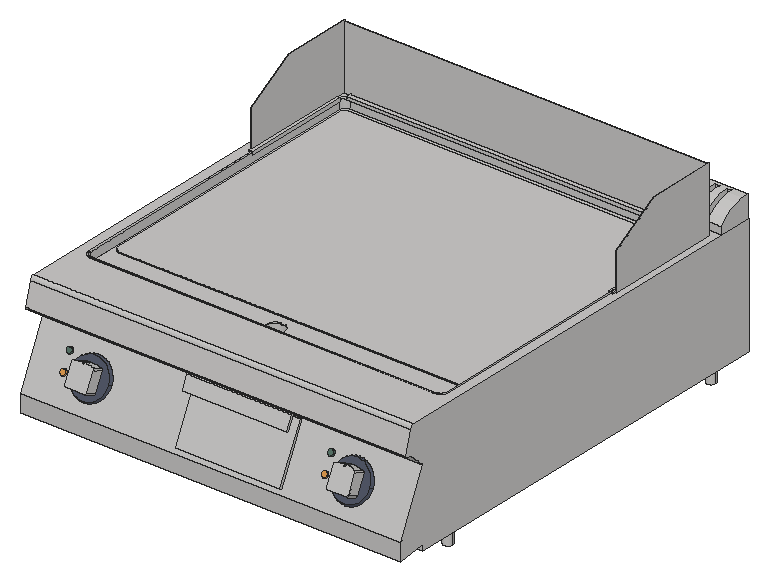
Revit family "QF_ZANUSSI_392073_Z9FTEHCS00", category Specialty Equipment, Revit 2018
Family settings
  Round Connector Dimension = Use Diameter
  Part Type = Normal
  Work Plane-Based = No
  Always vertical = Yes
  Cut with Voids When Loaded = No
  Shared = No
  Room Calculation Point = No
Parameters
  Width = 800 mm  # constant formula
  Weight in Pounds = 105  # constant formula
  Weight = 0.00 kg
  Watts = 15000 W  # constant formula
  Volts = 400 V  # constant formula
  URL Manufacturer = "http://www.zanussiprofessional.com"
  URL Cutsheet = "www.electrolux.com"
  URL = "http://www.zanussiprofessional.com"
  Type Mark [instance] = ""
  Steam Supply Size = 0"
  Steam Supply Minimum Pressure = 0.00 psi
  Steam Supply Maximum Pressure = 0.00 psi
  Steam Pounds per Hour = 0
  Status [instance] = ""
  Specification by User [instance] = ""
  Specification by Manufacturer = ""
  Show Logo [instance] = yes
  Show Clearance [instance] = yes
  Serial Number = ""
  Seismic Rating = ""
  SMACNA No = ""
  Revision Code [instance] = ""
  Refrigeration Suction Line Size = 0"
  Refrigeration Liquid Line Size = 0"
  Refrigerant Compressor Remote = yes
  Phase = 3
  Omniclass Number and Title = ""
  Number of Poles [instance] = 1
  NAFEM Spec ID Number = ""
  Model = "Z9FTEHCS00"
  Min Ckt Ampacity = 0 A
  Max Overcurrent Protection = 0 A
  Masterspec = ""
  Manufacturer = "Zanussi"
  Length Actual = 800 mm  # constant formula
  Item Number [instance] = "392073"
  Installed By [instance] = ""
  Identify Quantity as Lot [instance] = yes
  Hot Water Size = 0"
  Height Actual = 250 mm  # constant formula
  HP = "20.1 HP"
  Gas Size = 0"
  Gas KW = 0
  Gas Input = 0.0 Btu/h
  Furnished By [instance] = ""
  Foodservice Equipment Identifier [instance] = yes
  FL Amps = if(Phase = 3, Watts / (Volts * 1.73), Watts / Volts)  # 21.6763 A
  Electrical Remarks [instance] = "400 V/3N ph/50/60 Hz"  # constant formula
  Electric Connection Type [instance] = ""
  Elec Conn RI Height [instance] = 0 mm
  Elec Conn Connection Height [instance] = 0 mm
  Direct Waste Size = 0"
  Description = "EL.FRYTOP CHR.SMOOTH SLOPED PLATE 800 MM"
  Depth Actual = 900 mm  # constant formula
  Depth = 915 mm  # constant formula
  Cycle [instance] = if([60 Hertz Option], 60 Hz, 50 Hz)  # 60 Hz
  Conn Plug = ""
  Conn Conduit = yes
  Condensate Return Size = 0"
  Compressed Air Volume = 0 GPM
  Compressed Air Size = 0"
  Compressed Air Pressure = 0.00 psi
  Cold Water Size = 0"
  CSI MasterFormat = ""
  CSI Master Format = ""
  Apparent Power = if(Phase = 3, Volts * FL Amps * 1.73, Volts * FL Amps)  # 15000 VA
  Accessory = yes
  60 Hertz Option [instance] = not([50 Hertz Option])  # yes
  50 Hertz Option [instance] = no
Reference planes
  plane 1 "BACK": y = 0
  plane 2: z = 0
  plane 3 "LEFT": x = 0
  plane 4 "RIGHT": x = 800
  plane 5 "FRONT": y = -915
  plane 6 "TOP": z = 274
  plane 7 "Center Y": x = 400
  plane 8 "Center X": y = -457.5
  plane 9: y = -1045
  plane 10: z = 24
  plane 11: z = 290
  plane 12: z = 410
  plane 13: x = 11
  plane 14: x = 789
Forms (mm)
  Extrusion 1, solid, material "QF_Finishes_Stainless Steel"
    sketch origin (0, 0, 0) x (0, 1, 0) y (0, 0, 1)
      loop
        line (0, 24) -> (0, 274) -> (-879.358, 274)
        arc (-879.358, 274) -> (-884.643, 271.811) -> (-886.833, 266.526) r 7.474
        line (-886.833, 266.526) -> (-899.884, 221.011)
        arc (-899.884, 221.011) -> (-899.396, 218.379) -> (-897, 217.184) r 3
        line (-897, 217.184) -> (-886.802, 217.184) -> (-854.982, 185.364) -> (-915, 64.508) -> (-915, 29.508) -> (-858.645, 37.428)
        arc (-858.645, 37.428) -> (-856.101, 36.674) -> (-855, 34.259) r 3.2
        line (-855, 34.259) -> (-855, 24) -> (0, 24)
    from 0 to 800
  Extrusion 2, solid, material "QF_Finishes_Stainless Steel"
    sketch origin (0, -1, 0) x (1, 0, 0) y (0, 1, 0)
      loop
        circle (11, -82) r 9.525
      loop
        circle (11, -775) r 9.525
      loop
        circle (789, -82) r 9.525
      loop
        circle (789, -775) r 9.525
    from 0 to 24
  Extrusion 3, solid, material "QF_Finishes_Stainless Steel"
    sketch origin (635, 190.152, 274) x (0, -1, 0) y (1, 0, 0)
      loop
        line (273.542, 147.97) -> (273.542, -617.97) -> (275.13, -617.97) -> (275.13, 147.97) -> (273.542, 147.97)
    from 0 to 135
  Extrusion 4, void
    sketch origin (0, 0, 274) x (0, -1, 0) y (1, 0, 0)
      loop
        arc (92.539, 37.03) -> (96.932, 26.423) -> (107.539, 22.03) r 15
        line (107.539, 22.03) -> (762.539, 22.03)
        arc (762.539, 22.03) -> (773.145, 26.423) -> (777.539, 37.03) r 15
        line (777.539, 37.03) -> (777.539, 762.97)
        arc (777.539, 762.97) -> (773.145, 773.577) -> (762.539, 777.97) r 15
        line (762.539, 777.97) -> (107.539, 777.97)
        arc (107.539, 777.97) -> (96.932, 773.577) -> (92.539, 762.97) r 15
        line (92.539, 762.97) -> (92.539, 37.03)
    from 0 to -21.588
  Sweep 5, solid, material "QF_Finishes_Stainless Steel"
    path origin (0, 0, 0) x (1, 0, 0) y (0, 1, 0)
      loop
        line (22.03, -107.539) -> (22.03, -762.539)
        arc (22.03, -762.539) -> (26.423, -773.145) -> (37.03, -777.539) r 15
        line (37.03, -777.539) -> (762.97, -777.539)
        arc (762.97, -777.539) -> (773.577, -773.145) -> (777.97, -762.539) r 15
        line (777.97, -762.539) -> (777.97, -107.539)
        arc (777.97, -107.539) -> (773.577, -96.932) -> (762.97, -92.539) r 15
        line (762.97, -92.539) -> (37.03, -92.539)
        arc (37.03, -92.539) -> (26.423, -96.932) -> (22.03, -107.539) r 15
    profile origin (22.03, -435.039, 0) x (1, 0, 0) y (0, 0, 1)
      loop
        line (0, 255) -> (1.588, 255) -> (1.588, 272.855)
        arc (1.588, 272.855) -> (1.147, 274.189) -> (0, 275) r 2.242
        line (0, 275) -> (0, 255)
  Extrusion 6, solid, material "QF_Finishes_Stainless Steel"
    sketch origin (0, 0, 0) x (1, 0, 0) y (0, 0, 1)
      loop
        line (17.03, 274.856) -> (23.926, 274.856) -> (23.926, 269.856) -> (25.514, 269.856) -> (25.514, 276.444) -> (17.03, 276.444) -> (17.03, 274.856)
      loop
        line (782.97, 274.856) -> (782.97, 276.444) -> (774.486, 276.444) -> (774.486, 269.856) -> (776.074, 269.856) -> (776.074, 274.856) -> (782.97, 274.856)
    from 105.541 to 335.39
  Extrusion 7, solid, material "QF_Finishes_Stainless Steel"
    sketch origin (0, 0, 0) x (0, 1, 0) y (0, 0, 1)
      loop
        line (-94.126, 269.856) -> (-94.126, 274.856) -> (-84.978, 274.856) -> (-84.978, 276.444) -> (-95.714, 276.444) -> (-95.714, 269.856) -> (-94.126, 269.856)
    from 32.03 to 767.97
  Extrusion 8, solid, material "QF_Finishes_Stainless Steel"
    sketch origin (0, 0, 24) x (-1, 0, 0) y (0, 1, 0)
      loop
        circle (-740, -584) r 6.35
    from 0 to 5
  Extrusion 9, solid, material "QF_Clearances", visible <- "Show Clearance", detail levels coarse
    sketch origin (0, 0, 0) x (1, 0, 0) y (0, 1, 0)
      loop
        line (0, 0) -> (800, 0) -> (800, -915) -> (900, -915) -> (900, 100) -> (-100, 100) -> (-100, -915) -> (0, -915) -> (0, 0)
    from 0 to 410
  Extrusion 10, solid, material "QF_Finishes_Stainless Steel"
    sketch origin (0, 0, 0) x (0, 1, 0) y (0, 0, 1)
      loop
        line (-777.539, 254) -> (-777.539, 252.413) -> (-92.539, 252.413) -> (-92.539, 254) -> (-777.539, 254)
    from 22.03 to 777.97
  Extrusion 11, void
    sketch origin (328.121, 0, 0) x (1, 0, 0) y (0, 1, 0)
      loop
        circle (71.879, -743.736) r 20
    from 235.859 to 256.719
  Extrusion 12, solid, material "QF_Finishes_Stainless Steel"
    sketch origin (0, 0, 0) x (0, 1, 0) y (0, 0, 1)
      loop
        line (-83.39, 410) -> (-227.89, 410) -> (-327.89, 352.265) -> (-327.89, 274) -> (-83.39, 274) -> (-83.39, 410)
    from 15.442 to 17.03
  Extrusion 13, solid, material "QF_Finishes_Stainless Steel"
    sketch origin (23.617, -107.539, 255) x (-1, 0, 0) y (0, 1, 0)
      loop
        arc (-18.413, -600) -> (-11.341, -597.071) -> (-8.413, -590) r 10
        line (-8.413, -590) -> (-8.413, -7.867)
        arc (-8.413, -7.867) -> (-11.341, -0.796) -> (-18.412, 2.133) r 10
        line (-18.412, 2.133) -> (-734.353, 2.133)
        arc (-734.353, 2.133) -> (-741.425, -0.796) -> (-744.353, -7.867) r 10
        line (-744.353, -7.867) -> (-744.353, -590)
        arc (-744.353, -590) -> (-741.425, -597.071) -> (-734.353, -600) r 10
        line (-734.353, -600) -> (-18.413, -600)
    from 0 to -2
  Extrusion 14, solid, material "QF_Finishes_Stainless Steel"
    sketch origin (800, 0, 0) x (0, 1, 0) y (0, 0, -1)
      loop
        line (-83.39, -410) -> (-83.39, -274) -> (-327.89, -274) -> (-327.89, -352.265) -> (-227.89, -410) -> (-83.39, -410)
    from 15.442 to 17.03
  Extrusion 15, solid, material "QF_Finishes_Stainless Steel"
    sketch origin (0, 0, -10.038) x (0, 1, 0) y (0, 0, 1)
      loop
        line (0, 284.038) -> (0, 331.354)
        arc (0, 331.354) -> (-38.768, 324.268) -> (-69.85, 300.038) r 82.671
        line (-69.85, 300.038) -> (-69.85, 284.038) -> (0, 284.038)
    from 0 to 400
  Extrusion 16, void
    sketch origin (0, 0, 264.6) x (0, -1, 0) y (1, 0, 0)
      loop
        line (6.761, 29.703) -> (63.911, 29.703) -> (63.911, 38.999) -> (6.761, 38.999) -> (6.761, 29.703)
      loop
        line (63.911, 64.487) -> (6.761, 64.487) -> (6.761, 55.191) -> (63.911, 55.191) -> (63.911, 64.487)
      loop
        line (63.911, 89.975) -> (6.761, 89.975) -> (6.761, 80.68) -> (63.911, 80.68) -> (63.911, 89.975)
      loop
        line (63.911, 115.464) -> (6.761, 115.464) -> (6.761, 106.168) -> (63.911, 106.168) -> (63.911, 115.464)
      loop
        line (63.911, 140.952) -> (6.761, 140.952) -> (6.761, 131.656) -> (63.911, 131.656) -> (63.911, 140.952)
      loop
        line (63.911, 166.44) -> (6.761, 166.44) -> (6.761, 157.145) -> (63.911, 157.145) -> (63.911, 166.44)
      loop
        line (63.911, 191.929) -> (6.761, 191.929) -> (6.761, 182.633) -> (63.911, 182.633) -> (63.911, 191.929)
      loop
        line (63.911, 217.417) -> (6.761, 217.417) -> (6.761, 208.121) -> (63.911, 208.121) -> (63.911, 217.417)
      loop
        line (63.911, 242.905) -> (6.761, 242.905) -> (6.761, 233.61) -> (63.911, 233.61) -> (63.911, 242.905)
      loop
        line (63.911, 268.394) -> (6.761, 268.394) -> (6.761, 259.098) -> (63.911, 259.098) -> (63.911, 268.394)
      loop
        line (63.911, 293.882) -> (6.761, 293.882) -> (6.761, 284.586) -> (63.911, 284.586) -> (63.911, 293.882)
      loop
        line (63.911, 319.37) -> (6.761, 319.37) -> (6.761, 310.075) -> (63.911, 310.075) -> (63.911, 319.37)
      loop
        line (63.911, 344.859) -> (6.761, 344.859) -> (6.761, 335.563) -> (63.911, 335.563) -> (63.911, 344.859)
      loop
        line (63.911, 370.347) -> (6.761, 370.347) -> (6.761, 361.051) -> (63.911, 361.051) -> (63.911, 370.347)
    from 25.4 to 63.5
  Extrusion 17, solid, material "QF_Finishes_Stainless Steel"
    sketch origin (800, 0, -10.038) x (0, 1, 0) y (0, 0, -1)
      loop
        line (0, -284.038) -> (-69.85, -284.038) -> (-69.85, -300.038)
        arc (-69.85, -300.038) -> (-38.626, -323.809) -> (0, -330.737) r 83.705
        line (0, -330.737) -> (0, -284.038)
    from 0 to 400
  Extrusion 18, void
    sketch origin (800, 0, 264.6) x (0, -1, 0) y (1, 0, 0)
      loop
        line (6.761, -29.703) -> (6.761, -38.999) -> (63.911, -38.999) -> (63.911, -29.703) -> (6.761, -29.703)
      loop
        line (63.911, -64.487) -> (63.911, -55.191) -> (6.761, -55.191) -> (6.761, -64.487) -> (63.911, -64.487)
      loop
        line (63.911, -89.975) -> (63.911, -80.68) -> (6.761, -80.68) -> (6.761, -89.975) -> (63.911, -89.975)
      loop
        line (63.911, -115.464) -> (63.911, -106.168) -> (6.761, -106.168) -> (6.761, -115.464) -> (63.911, -115.464)
      loop
        line (63.911, -140.952) -> (63.911, -131.656) -> (6.761, -131.656) -> (6.761, -140.952) -> (63.911, -140.952)
      loop
        line (63.911, -166.44) -> (63.911, -157.145) -> (6.761, -157.145) -> (6.761, -166.44) -> (63.911, -166.44)
      loop
        line (63.911, -191.929) -> (63.911, -182.633) -> (6.761, -182.633) -> (6.761, -191.929) -> (63.911, -191.929)
      loop
        line (63.911, -217.417) -> (63.911, -208.121) -> (6.761, -208.121) -> (6.761, -217.417) -> (63.911, -217.417)
      loop
        line (63.911, -242.905) -> (63.911, -233.61) -> (6.761, -233.61) -> (6.761, -242.905) -> (63.911, -242.905)
      loop
        line (63.911, -268.394) -> (63.911, -259.098) -> (6.761, -259.098) -> (6.761, -268.394) -> (63.911, -268.394)
      loop
        line (63.911, -293.882) -> (63.911, -284.586) -> (6.761, -284.586) -> (6.761, -293.882) -> (63.911, -293.882)
      loop
        line (63.911, -319.37) -> (63.911, -310.075) -> (6.761, -310.075) -> (6.761, -319.37) -> (63.911, -319.37)
      loop
        line (63.911, -344.859) -> (63.911, -335.563) -> (6.761, -335.563) -> (6.761, -344.859) -> (63.911, -344.859)
      loop
        line (63.911, -370.347) -> (63.911, -361.051) -> (6.761, -361.051) -> (6.761, -370.347) -> (63.911, -370.347)
    from 25.4 to 63.5
  Extrusion 19, solid, material "QF_Finishes_Stainless Steel"
    sketch origin (335, -214.132, -0.464) x (0, 1, 0) y (0, 0, 1)
      loop
        line (-640.85, 185.828) -> (-659.988, 204.966)
        arc (-659.988, 204.966) -> (-664.455, 206.368) -> (-668.159, 203.504) r 5.058
        line (-668.159, 203.504) -> (-680.821, 175.994) -> (-677.937, 174.666) -> (-665.275, 202.176)
        arc (-665.275, 202.176) -> (-663.896, 203.243) -> (-662.233, 202.721) r 1.883
        line (-662.233, 202.721) -> (-644.727, 185.215) -> (-698.248, 77.444) -> (-695.339, 76.105) -> (-640.85, 185.828)
    from -10 to 210
  Extrusion 20, solid, material "QF_Finishes_Drawer Clearance", visible <- "Show Clearance", detail levels coarse
    sketch origin (335, -315.732, -0.464) x (0, 1, 0) y (0, 0, 1)
      loop
        line (-726.181, 76.105) -> (-593.739, 76.105) -> (-539.25, 185.828) -> (-558.388, 204.966)
        arc (-558.388, 204.966) -> (-560.449, 206.215) -> (-562.855, 206.368) r 5.058
        line (-562.855, 206.368) -> (-695.296, 206.368)
        arc (-695.296, 206.368) -> (-697.5, 205.39) -> (-699, 203.504) r 5.058
        line (-699, 203.504) -> (-711.662, 175.994) -> (-708.778, 174.666) -> (-696.116, 202.176)
        arc (-696.116, 202.176) -> (-694.737, 203.243) -> (-693.074, 202.721) r 1.883
        line (-693.074, 202.721) -> (-675.569, 185.215) -> (-729.089, 77.444) -> (-726.181, 76.105)
    from -10 to 210
  Blend 21, solid, material "QF_Finishes_Navy Blue"
    base sketch origin (125, -884.991, 124.936) x (1, 0, 0) y (0, 0.444781, 0.895639)
      loop
        circle (0, 0) r 42.5
    top sketch origin (125, -884.991, 124.936) x (1, 0, 0) y (0, 0.444781, 0.895639)
      loop
        circle (0, 0) r 40.5
    from 0 to 5
  Extrusion 22, solid, material "QF_Finishes_Stainless Steel"
    sketch origin (125, -884.991, 124.936) x (1, 0, 0) y (0, 0.444781, 0.895639)
      loop
        arc (-21.147, 22.789) -> (-22.494, 21.685) -> (-23, 20.019) r 2.997
        line (-23, 20.019) -> (-23, -20.019)
        arc (-23, -20.019) -> (-22.122, -22.138) -> (-20.003, -23.016) r 2.997
        line (-20.003, -23.016) -> (20.003, -23.016)
        arc (20.003, -23.016) -> (22.122, -22.138) -> (23, -20.019) r 2.997
        line (23, -20.019) -> (23, 20.019)
        arc (23, 20.019) -> (22.494, 21.685) -> (21.147, 22.789) r 2.997
        arc (21.147, 22.789) -> (0, 26.984) -> (-21.147, 22.789) r 55.4
    from 10 to 34
  Extrusion 23, solid, material "QF_Finishes_Stainless Steel"
    sketch origin (125, -884.991, 124.936) x (1, 0, 0) y (0, 0.444781, 0.895639)
      loop
        line (17.5, 17.5) -> (-17.5, 17.5) -> (-17.5, -17.5) -> (17.5, -17.5) -> (17.5, 17.5)
    from 5 to 10
  Extrusion 24, solid, material "QF_Plastic-Black-Matte"
    sketch origin (67.5, -884.991, 124.936) x (0, 0.444781, 0.895639) y (0, 0.895639, -0.444781)
      loop
        line (26.984, -34) -> (23.984, -34) -> (23.984, -35) -> (26.984, -35)
        arc (26.984, -35) -> (27.691, -34.707) -> (27.984, -34) r 1
        line (27.984, -34) -> (27.984, -19) -> (26.984, -19) -> (26.984, -34)
    from -58.5 to -56.5
  Extrusion 25, solid, material "QF_Finishes_DarkGreen"
    sketch origin (125, -871.138, 152.831) x (1, 0, 0) y (0, 0.444781, 0.895639)
      loop
        circle (-55.001, 0) r 6
    from 0 to 1.6
  Extrusion 26, solid, material "QF_Finishes_Orange"
    sketch origin (125, -888.072, 118.733) x (1, 0, 0) y (0, 0.444781, 0.895639)
      loop
        circle (-55.001, 0) r 6
    from 0 to 1.6
  Blend 27, solid, material "QF_Finishes_Navy Blue"
    base sketch origin (675, -884.991, 124.936) x (1, 0, 0) y (0, 0.444781, 0.895639)
      loop
        circle (0, 0) r 42.5
    top sketch origin (675, -884.991, 124.936) x (1, 0, 0) y (0, 0.444781, 0.895639)
      loop
        circle (0, 0) r 40.5
    from 0 to 5
  Extrusion 28, solid, material "QF_Finishes_Stainless Steel"
    sketch origin (675, -884.991, 124.936) x (1, 0, 0) y (0, 0.444781, 0.895639)
      loop
        arc (-21.147, 22.789) -> (-22.494, 21.685) -> (-23, 20.019) r 2.997
        line (-23, 20.019) -> (-23, -20.019)
        arc (-23, -20.019) -> (-22.122, -22.138) -> (-20.003, -23.016) r 2.997
        line (-20.003, -23.016) -> (20.003, -23.016)
        arc (20.003, -23.016) -> (22.122, -22.138) -> (23, -20.019) r 2.997
        line (23, -20.019) -> (23, 20.019)
        arc (23, 20.019) -> (22.494, 21.685) -> (21.147, 22.789) r 2.997
        arc (21.147, 22.789) -> (0, 26.984) -> (-21.147, 22.789) r 55.4
    from 10 to 34
  Extrusion 29, solid, material "QF_Finishes_Stainless Steel"
    sketch origin (675, -884.991, 124.936) x (1, 0, 0) y (0, 0.444781, 0.895639)
      loop
        line (17.5, 17.5) -> (-17.5, 17.5) -> (-17.5, -17.5) -> (17.5, -17.5) -> (17.5, 17.5)
    from 5 to 10
  Extrusion 30, solid, material "QF_Plastic-Black-Matte"
    sketch origin (617.5, -884.991, 124.936) x (0, 0.444781, 0.895639) y (0, 0.895639, -0.444781)
      loop
        line (26.984, -34) -> (23.984, -34) -> (23.984, -35) -> (26.984, -35)
        arc (26.984, -35) -> (27.691, -34.707) -> (27.984, -34) r 1
        line (27.984, -34) -> (27.984, -19) -> (26.984, -19) -> (26.984, -34)
    from -58.5 to -56.5
  Extrusion 31, solid, material "QF_Finishes_DarkGreen"
    sketch origin (675, -871.138, 152.831) x (1, 0, 0) y (0, 0.444781, 0.895639)
      loop
        circle (-55.001, 0) r 6
    from 0 to 1.6
  Extrusion 32, solid, material "QF_Finishes_Orange"
    sketch origin (675, -888.072, 118.733) x (1, 0, 0) y (0, 0.444781, 0.895639)
      loop
        circle (-55.001, 0) r 6
    from 0 to 1.6
Cuts and joins
  Extrusion 4, Extrusion 11 cuts Extrusion 1
  Extrusion 11 cuts Extrusion 10
  joined: Extrusion 3, Extrusion 12, Extrusion 14
  Extrusion 16, Extrusion 18 cuts Extrusion 15
  Extrusion 18 cuts Extrusion 17
Lines and regions (mm)
  Split face 1
    outline origin (125, -889.469, 127.16) x (1, 0, 0) y (0, 0.444781, 0.895639)
      loop
        circle (-34, 0) r 1.5
  Split face 2
    outline origin (125, -889.469, 127.16) x (1, 0, 0) y (0, 0.444781, 0.895639)
      loop
        circle (-30.633, -14.752) r 1.5
  Split face 3
    outline origin (125, -889.469, 127.16) x (1, 0, 0) y (0, 0.444781, 0.895639)
      loop
        circle (-21.199, -26.582) r 1.5
  Split face 4
    outline origin (125, -889.469, 127.16) x (1, 0, 0) y (0, 0.444781, 0.895639)
      loop
        circle (-7.566, -33.148) r 1.5
  Split face 5
    outline origin (125, -889.469, 127.16) x (1, 0, 0) y (0, 0.444781, 0.895639)
      loop
        circle (7.566, -33.148) r 1.5
  Split face 6
    outline origin (125, -889.469, 127.16) x (1, 0, 0) y (0, 0.444781, 0.895639)
      loop
        circle (21.199, -26.582) r 1.5
  Split face 7
    outline origin (125, -889.469, 127.16) x (1, 0, 0) y (0, 0.444781, 0.895639)
      loop
        circle (30.633, -14.752) r 1.5
  Split face 8
    outline origin (125, -889.469, 127.16) x (1, 0, 0) y (0, 0.444781, 0.895639)
      loop
        circle (34, 0) r 1.5
  Split face 9
    outline origin (146.665, -886.175, 133.794) x (1, 0, 0) y (0, 0.444781, 0.895639)
      loop
        circle (-21.665, 26.582) r 1.5
  Split face 10
    outline origin (675, -889.469, 127.16) x (1, 0, 0) y (0, 0.444781, 0.895639)
      loop
        circle (-34, 0) r 1.5
  Split face 11
    outline origin (675, -889.469, 127.16) x (1, 0, 0) y (0, 0.444781, 0.895639)
      loop
        circle (-30.633, -14.752) r 1.5
  Split face 12
    outline origin (675, -889.469, 127.16) x (1, 0, 0) y (0, 0.444781, 0.895639)
      loop
        circle (-21.199, -26.582) r 1.5
  Split face 13
    outline origin (675, -889.469, 127.16) x (1, 0, 0) y (0, 0.444781, 0.895639)
      loop
        circle (-7.566, -33.148) r 1.5
  Split face 14
    outline origin (675, -889.469, 127.16) x (1, 0, 0) y (0, 0.444781, 0.895639)
      loop
        circle (7.566, -33.148) r 1.5
  Split face 15
    outline origin (675, -889.469, 127.16) x (1, 0, 0) y (0, 0.444781, 0.895639)
      loop
        circle (21.199, -26.582) r 1.5
  Split face 16
    outline origin (675, -889.469, 127.16) x (1, 0, 0) y (0, 0.444781, 0.895639)
      loop
        circle (30.633, -14.752) r 1.5
  Split face 17
    outline origin (675, -889.469, 127.16) x (1, 0, 0) y (0, 0.444781, 0.895639)
      loop
        circle (34, 0) r 1.5
  Split face 18
    outline origin (696.665, -886.175, 133.794) x (1, 0, 0) y (0, 0.444781, 0.895639)
      loop
        circle (-21.665, 26.582) r 1.5
  symbolic lines, style "QF_Clearances", visible <- "Show Clearance", detail levels coarse
    curve 1: line (900, -915, 0) -> (900, 100, 0)
    curve 2: line (900, 100, 0) -> (-100, 100, 0)
    curve 3: line (-100, 100, 0) -> (-100, -915, 0)
  symbolic lines, style "QF_Door-Drawer Clearances"
    curve 4: line (325, -915, 0) -> (325, -1045, 0)
    curve 5: line (325, -1045, 0) -> (545, -1045, 0)
    curve 6: line (545, -915, 0) -> (545, -1045, 0)
  symbolic lines
    curve 7: line (800, -915, 0) -> (800, 0, 0)
    curve 8: line (800, 0, 0) -> (0, 0, 0)
    curve 9: line (0, 0, 0) -> (0, -915, 0)
    curve 10: line (762.97, -777.539, 0) -> (37.03, -777.539, 0)
    curve 11: arc (37.03, -777.539, 0) -> (26.423, -773.145, 0) -> (22.03, -762.539, 0) r 15
    curve 12: line (22.03, -762.539, 0) -> (22.03, -327.89, 0)
    curve 13: arc (22.163, -105.541, 0) -> (25.387, -98.081, 0) -> (32.03, -93.397, 0) r 15
    curve 14: arc (767.97, -93.397, 0) -> (774.613, -98.081, 0) -> (777.837, -105.541, 0) r 15
    curve 15: line (777.97, -327.89, 0) -> (777.97, -762.539, 0)
    curve 16: arc (777.97, -762.539, 0) -> (773.577, -773.145, 0) -> (762.97, -777.539, 0) r 15
    curve 17: line (757.97, -707.539, 0) -> (42.03, -707.539, 0)
    curve 18: arc (42.03, -707.539, 0) -> (34.958, -704.61, 0) -> (32.03, -697.539, 0) r 10
    curve 19: line (32.03, -697.539, 0) -> (32.03, -115.406, 0)
    curve 20: arc (32.03, -115.406, 0) -> (34.958, -108.335, 0) -> (42.03, -105.406, 0) r 10
    curve 21: line (42.03, -105.406, 0) -> (757.97, -105.406, 0)
    curve 22: arc (757.97, -105.406, 0) -> (765.042, -108.335, 0) -> (767.97, -115.406, 0) r 10
    curve 23: line (767.97, -115.406, 0) -> (767.97, -697.539, 0)
    curve 24: arc (767.97, -697.539, 0) -> (765.042, -704.61, 0) -> (757.97, -707.539, 0) r 10
    curve 25: line (15.442, -83.39, 0) -> (15.442, -327.89, 0)
    curve 26: line (784.558, -83.39, 0) -> (15.442, -83.39, 0)
    curve 27: line (784.558, -327.89, 0) -> (784.558, -83.39, 0)
    curve 28: line (767.97, -95.714, 0) -> (767.97, -83.39, 0)
    curve 29: line (32.03, -95.714, 0) -> (767.97, -95.714, 0)
    curve 30: line (32.03, -83.39, 0) -> (32.03, -95.714, 0)
    curve 31: line (784.558, -105.541, 0) -> (774.486, -105.541, 0)
    curve 32: line (25.514, -327.89, 0) -> (25.514, -105.541, 0)
    curve 33: line (15.442, -327.89, 0) -> (25.514, -327.89, 0)
    curve 34: line (774.486, -105.541, 0) -> (774.486, -327.89, 0)
    curve 35: line (774.486, -327.89, 0) -> (784.558, -327.89, 0)
    curve 36: line (25.514, -105.541, 0) -> (15.442, -105.541, 0)
    curve 37: line (38.999, -6.761, 0) -> (38.999, -63.911, 0)
    curve 38: line (38.999, -63.911, 0) -> (29.703, -63.911, 0)
    curve 39: line (29.703, -63.911, 0) -> (29.703, -6.761, 0)
    curve 40: line (29.703, -6.761, 0) -> (38.999, -6.761, 0)
    curve 41: line (55.191, -63.911, 0) -> (55.191, -6.761, 0)
    curve 42: line (55.191, -6.761, 0) -> (64.487, -6.761, 0)
    curve 43: line (64.487, -6.761, 0) -> (64.487, -63.911, 0)
    curve 44: line (64.487, -63.911, 0) -> (55.191, -63.911, 0)
    curve 45: line (89.975, -6.761, 0) -> (89.975, -63.911, 0)
    curve 46: line (89.975, -63.911, 0) -> (80.68, -63.911, 0)
    curve 47: line (80.68, -63.911, 0) -> (80.68, -6.761, 0)
    curve 48: line (80.68, -6.761, 0) -> (89.975, -6.761, 0)
    curve 49: line (115.464, -6.761, 0) -> (115.464, -63.911, 0)
    curve 50: line (115.464, -63.911, 0) -> (106.168, -63.911, 0)
    curve 51: line (106.168, -63.911, 0) -> (106.168, -6.761, 0)
    curve 52: line (106.168, -6.761, 0) -> (115.464, -6.761, 0)
    curve 53: line (140.952, -6.761, 0) -> (140.952, -63.911, 0)
    curve 54: line (140.952, -63.911, 0) -> (131.656, -63.911, 0)
    curve 55: line (131.656, -63.911, 0) -> (131.656, -6.761, 0)
    curve 56: line (131.656, -6.761, 0) -> (140.952, -6.761, 0)
    curve 57: line (166.44, -6.761, 0) -> (166.44, -63.911, 0)
    curve 58: line (166.44, -63.911, 0) -> (157.145, -63.911, 0)
    curve 59: line (157.145, -63.911, 0) -> (157.145, -6.761, 0)
    curve 60: line (157.145, -6.761, 0) -> (166.44, -6.761, 0)
    curve 61: line (191.929, -6.761, 0) -> (191.929, -63.911, 0)
    curve 62: line (191.929, -63.911, 0) -> (182.633, -63.911, 0)
    curve 63: line (182.633, -63.911, 0) -> (182.633, -6.761, 0)
    curve 64: line (182.633, -6.761, 0) -> (191.929, -6.761, 0)
    curve 65: line (208.121, -63.911, 0) -> (208.121, -6.761, 0)
    curve 66: line (208.121, -6.761, 0) -> (217.417, -6.761, 0)
    curve 67: line (217.417, -6.761, 0) -> (217.417, -63.911, 0)
    curve 68: line (217.417, -63.911, 0) -> (208.121, -63.911, 0)
    curve 69: line (767.97, -83.39, 0) -> (767.97, -95.714, 0)
    curve 70: line (361.001, -6.761, 0) -> (361.001, -63.911, 0)
    curve 71: line (361.001, -63.911, 0) -> (370.297, -63.911, 0)
    curve 72: line (370.297, -63.911, 0) -> (370.297, -6.761, 0)
    curve 73: line (370.297, -6.761, 0) -> (361.001, -6.761, 0)
    curve 74: line (344.809, -63.911, 0) -> (344.809, -6.761, 0)
    curve 75: line (344.809, -6.761, 0) -> (335.513, -6.761, 0)
    curve 76: line (335.513, -6.761, 0) -> (335.513, -63.911, 0)
    curve 77: line (335.513, -63.911, 0) -> (344.809, -63.911, 0)
    curve 78: line (310.025, -6.761, 0) -> (310.025, -63.911, 0)
    curve 79: line (310.025, -63.911, 0) -> (319.32, -63.911, 0)
    curve 80: line (319.32, -63.911, 0) -> (319.32, -6.761, 0)
    curve 81: line (319.32, -6.761, 0) -> (310.025, -6.761, 0)
    curve 82: line (284.536, -6.761, 0) -> (284.536, -63.911, 0)
    curve 83: line (284.536, -63.911, 0) -> (293.832, -63.911, 0)
    curve 84: line (293.832, -63.911, 0) -> (293.832, -6.761, 0)
    curve 85: line (293.832, -6.761, 0) -> (284.536, -6.761, 0)
    curve 86: line (259.048, -6.761, 0) -> (259.048, -63.911, 0)
    curve 87: line (259.048, -63.911, 0) -> (268.344, -63.911, 0)
    curve 88: line (268.344, -63.911, 0) -> (268.344, -6.761, 0)
    curve 89: line (268.344, -6.761, 0) -> (259.048, -6.761, 0)
    curve 90: line (233.56, -6.761, 0) -> (233.56, -63.911, 0)
    curve 91: line (233.56, -63.911, 0) -> (242.855, -63.911, 0)
    curve 92: line (242.855, -63.911, 0) -> (242.855, -6.761, 0)
    curve 93: line (242.855, -6.761, 0) -> (233.56, -6.761, 0)
    curve 94: arc (380, -743.736, 0) -> (400, -723.736, 0) -> (420, -743.736, 0) r 20
    curve 95: arc (380, -743.736, 0) -> (400, -763.736, 0) -> (420, -743.736, 0) r 20
    curve 96: arc (777.837, -105.541, 0) -> (774.613, -98.081, 0) -> (767.97, -93.397, 0) r 15
    curve 97: arc (767.97, -115.406, 0) -> (765.042, -108.335, 0) -> (757.97, -105.406, 0) r 10
    curve 98: line (767.97, -83.39, 0) -> (767.97, -95.714, 0)
    curve 99: line (761.001, -6.761, 0) -> (761.001, -63.911, 0)
    curve 100: line (761.001, -63.911, 0) -> (770.297, -63.911, 0)
    curve 101: line (770.297, -63.911, 0) -> (770.297, -6.761, 0)
    curve 102: line (770.297, -6.761, 0) -> (761.001, -6.761, 0)
    curve 103: line (744.809, -63.911, 0) -> (744.809, -6.761, 0)
    curve 104: line (744.809, -6.761, 0) -> (735.513, -6.761, 0)
    curve 105: line (735.513, -6.761, 0) -> (735.513, -63.911, 0)
    curve 106: line (735.513, -63.911, 0) -> (744.809, -63.911, 0)
    curve 107: line (710.025, -6.761, 0) -> (710.025, -63.911, 0)
    curve 108: line (710.025, -63.911, 0) -> (719.32, -63.911, 0)
    curve 109: line (719.32, -63.911, 0) -> (719.32, -6.761, 0)
    curve 110: line (719.32, -6.761, 0) -> (710.025, -6.761, 0)
    curve 111: line (684.536, -6.761, 0) -> (684.536, -63.911, 0)
    curve 112: line (684.536, -63.911, 0) -> (693.832, -63.911, 0)
    curve 113: line (693.832, -63.911, 0) -> (693.832, -6.761, 0)
    curve 114: line (693.832, -6.761, 0) -> (684.536, -6.761, 0)
    curve 115: line (659.048, -6.761, 0) -> (659.048, -63.911, 0)
    curve 116: line (659.048, -63.911, 0) -> (668.344, -63.911, 0)
    curve 117: line (668.344, -63.911, 0) -> (668.344, -6.761, 0)
    curve 118: line (668.344, -6.761, 0) -> (659.048, -6.761, 0)
    curve 119: line (633.56, -6.761, 0) -> (633.56, -63.911, 0)
    curve 120: line (633.56, -63.911, 0) -> (642.855, -63.911, 0)
    curve 121: line (642.855, -63.911, 0) -> (642.855, -6.761, 0)
    curve 122: line (642.855, -6.761, 0) -> (633.56, -6.761, 0)
    curve 123: line (608.071, -6.761, 0) -> (608.071, -63.911, 0)
    curve 124: line (608.071, -63.911, 0) -> (617.367, -63.911, 0)
    curve 125: line (617.367, -63.911, 0) -> (617.367, -6.761, 0)
    curve 126: line (617.367, -6.761, 0) -> (608.071, -6.761, 0)
    curve 127: line (591.879, -63.911, 0) -> (591.879, -6.761, 0)
    curve 128: line (591.879, -6.761, 0) -> (582.583, -6.761, 0)
    curve 129: line (582.583, -6.761, 0) -> (582.583, -63.911, 0)
    curve 130: line (582.583, -63.911, 0) -> (591.879, -63.911, 0)
    curve 131: line (438.999, -6.761, 0) -> (438.999, -63.911, 0)
    curve 132: line (438.999, -63.911, 0) -> (429.703, -63.911, 0)
    curve 133: line (429.703, -63.911, 0) -> (429.703, -6.761, 0)
    curve 134: line (429.703, -6.761, 0) -> (438.999, -6.761, 0)
    curve 135: line (455.191, -63.911, 0) -> (455.191, -6.761, 0)
    curve 136: line (455.191, -6.761, 0) -> (464.487, -6.761, 0)
    curve 137: line (464.487, -6.761, 0) -> (464.487, -63.911, 0)
    curve 138: line (464.487, -63.911, 0) -> (455.191, -63.911, 0)
    curve 139: line (489.975, -6.761, 0) -> (489.975, -63.911, 0)
    curve 140: line (489.975, -63.911, 0) -> (480.68, -63.911, 0)
    curve 141: line (480.68, -63.911, 0) -> (480.68, -6.761, 0)
    curve 142: line (480.68, -6.761, 0) -> (489.975, -6.761, 0)
    curve 143: line (515.464, -6.761, 0) -> (515.464, -63.911, 0)
    curve 144: line (515.464, -63.911, 0) -> (506.168, -63.911, 0)
    curve 145: line (506.168, -63.911, 0) -> (506.168, -6.761, 0)
    curve 146: line (506.168, -6.761, 0) -> (515.464, -6.761, 0)
    curve 147: line (540.952, -6.761, 0) -> (540.952, -63.911, 0)
    curve 148: line (540.952, -63.911, 0) -> (531.656, -63.911, 0)
    curve 149: line (531.656, -63.911, 0) -> (531.656, -6.761, 0)
    curve 150: line (531.656, -6.761, 0) -> (540.952, -6.761, 0)
    curve 151: line (566.44, -6.761, 0) -> (566.44, -63.911, 0)
    curve 152: line (566.44, -63.911, 0) -> (557.145, -63.911, 0)
    curve 153: line (557.145, -63.911, 0) -> (557.145, -6.761, 0)
    curve 154: line (557.145, -6.761, 0) -> (566.44, -6.761, 0)
    curve 155: line (0, -69.85, 0) -> (800, -69.85, 0)
    curve 156: line (400, -69.85, 0) -> (400, 0, 0)
    curve 157: line (0, -900, 0) -> (800, -900, 0)
    curve 158: line (102, -900, 0) -> (102, -924.347, 0)
    curve 159: arc (102, -924.347, 0) -> (102.146, -924.811, 0) -> (102.532, -925.107, 0) r 0.809
    curve 160: arc (102.532, -925.107, 0) -> (103.72, -925.587, 0) -> (104.997, -925.68, 0) r 4.127
    curve 161: arc (102, -904.292, 0) -> (96.959, -902.458, 0) -> (92.191, -900, 0) r 42.24
    curve 162: arc (102, -906.539, 0) -> (102.502, -905.818, 0) -> (103.299, -905.448, 0) r 1.682
    curve 163: arc (103.299, -905.448, 0) -> (113.602, -903.95, 0) -> (124, -903.441, 0) r 109.079
    curve 164: line (124, -900, 0) -> (124, -905.671, 0)
    curve 165: line (124, -905.671, 0) -> (126, -905.671, 0)
    curve 166: line (126, -905.671, 0) -> (126, -900, 0)
    curve 167: line (148, -900, 0) -> (148, -924.347, 0)
    curve 168: arc (148, -924.347, 0) -> (147.854, -924.811, 0) -> (147.468, -925.107, 0) r 0.809
    curve 169: arc (147.468, -925.107, 0) -> (146.28, -925.587, 0) -> (145.003, -925.68, 0) r 4.127
    curve 170: arc (148, -904.292, 0) -> (153.041, -902.458, 0) -> (157.809, -900, 0) r 42.24
    curve 171: arc (148, -906.539, 0) -> (147.498, -905.818, 0) -> (146.701, -905.448, 0) r 1.682
    curve 172: arc (146.701, -905.448, 0) -> (136.398, -903.95, 0) -> (126, -903.441, 0) r 109.079
    curve 173: line (104.997, -925.68, 0) -> (145.003, -925.68, 0)
    curve 174: line (698, -900, 0) -> (698, -924.347, 0)
    curve 175: arc (698, -924.347, 0) -> (697.854, -924.811, 0) -> (697.468, -925.107, 0) r 0.809
    curve 176: arc (697.468, -925.107, 0) -> (696.28, -925.587, 0) -> (695.003, -925.68, 0) r 4.127
    curve 177: arc (698, -904.292, 0) -> (703.041, -902.458, 0) -> (707.809, -900, 0) r 42.24
    curve 178: arc (698, -906.539, 0) -> (697.498, -905.818, 0) -> (696.701, -905.448, 0) r 1.682
    curve 179: arc (696.701, -905.448, 0) -> (686.398, -903.95, 0) -> (676, -903.441, 0) r 109.079
    curve 180: line (676, -900, 0) -> (676, -905.671, 0)
    curve 181: line (676, -905.671, 0) -> (674, -905.671, 0)
    curve 182: line (674, -905.671, 0) -> (674, -900, 0)
    curve 183: line (652, -900, 0) -> (652, -924.347, 0)
    curve 184: arc (652, -924.347, 0) -> (652.146, -924.811, 0) -> (652.532, -925.107, 0) r 0.809
    curve 185: arc (652.532, -925.107, 0) -> (653.72, -925.587, 0) -> (654.997, -925.68, 0) r 4.127
    curve 186: arc (652, -904.292, 0) -> (646.959, -902.458, 0) -> (642.191, -900, 0) r 42.24
    curve 187: arc (652, -906.539, 0) -> (652.502, -905.818, 0) -> (653.299, -905.448, 0) r 1.682
    curve 188: arc (653.299, -905.448, 0) -> (663.602, -903.95, 0) -> (674, -903.441, 0) r 109.079
    curve 189: line (695.003, -925.68, 0) -> (654.997, -925.68, 0)
    curve 190: line (148, -915, 0) -> (325, -915, 0)
    curve 191: line (698, -915, 0) -> (800, -915, 0)
    curve 192: line (0, -915, 0) -> (102, -915, 0)
    curve 193: line (545, -915, 0) -> (652, -915, 0)
    curve 194: line (545, -915, 0) -> (325, -915, 0)
    curve 195: line (325, -900, 0) -> (325, -915, 0)
    curve 196: line (545, -900, 0) -> (545, -915, 0)
Dimensions and locks
  equal spacing: plane 3 "LEFT", plane 7 "Center Y", plane 4 "RIGHT"
  "Width": plane 3 "LEFT" to plane 4 "RIGHT"
  equal spacing: plane 5 "FRONT", plane 8 "Center X", plane 1 "BACK"
  "Depth": plane 5 "FRONT" to plane 1 "BACK"
  plane 6 "TOP" to level = 274 mm
  plane 1 "BACK" to plane 9 = 1045 mm  (x2)
  plane 10 to level = 24 mm  (x2)
  plane 11 to plane 10 = 266 mm
  plane 6 "TOP" to plane 10 = 250 mm  (x2)
  plane 12 to level = 410 mm  (x2)
  plane 12 to plane 10 = 386 mm
  plane 13 to plane 3 "LEFT" = 11 mm
  locked: plane 14 to plane 4 "RIGHT" at 11
  plane 1 "BACK" to plane 5 "FRONT" = 915 mm
  Extrusion 8 to plane 10 = 5 mm
  plane 1 "BACK" to Extrusion 8 = 584 mm
  plane 1 "BACK" to Extrusion 2 to Extrusion 2 to plane 5 "FRONT" = 83 mm, 693 mm, 139 mm
  plane 13 to plane 14 = 778 mm
  Extrusion 8 sketch curve to plane 4 "RIGHT" = 60 mm
  Extrusion 8 sketch curve to plane 1 "BACK" = 584 mm
  aligned and locked: level to plane 2
  aligned and locked: Extrusion 1 to plane 4 "RIGHT"
Automatic sketch dimensions
  Extrusion 1 sketch curve to plane 5 "FRONT" = 0 mm
  Extrusion 1 sketch curve to plane 6 "TOP" = 0 mm
  Extrusion 1 sketch curve to plane 10 = 0 mm
  Extrusion 1 sketch curve to plane 1 "BACK" = 0 mm
  Extrusion 1 sketch curve to plane 5 "FRONT" = 15.116 mm
  Extrusion 1 sketch curve to Extrusion 1 sketch curve = 2.884 mm
  Extrusion 1 sketch curve to plane 6 "TOP" = 7.474 mm
  Extrusion 1 sketch curve to plane 5 "FRONT" = 28.167 mm
  Extrusion 1 sketch curve to Extrusion 1 sketch curve = 10.198 mm
  plane 10 to Extrusion 1 sketch curve = 13.428 mm
  Extrusion 1 sketch curve to plane 5 "FRONT" = 56.355 mm
  Extrusion 1 sketch curve to Extrusion 1 sketch curve = 0.445 mm
  Extrusion 1 sketch curve to Extrusion 1 sketch curve = 3.2 mm
  Extrusion 1 sketch curve to Extrusion 1 sketch curve = 31.82 mm  (x2)
  plane 10 to Extrusion 1 sketch curve = 5.508 mm
  Extrusion 1 sketch curve to Extrusion 1 sketch curve = 35 mm
  Extrusion 1 sketch curve to Extrusion 1 sketch curve = 81.162 mm
  Extrusion 1 sketch curve to Extrusion 1 sketch curve = 3 mm
  Extrusion 2 sketch curve to plane 13 = 0 mm  (x2)
  Extrusion 2 sketch curve to plane 14 = 0 mm  (x2)
  Extrusion 2 sketch curve to plane 5 "FRONT" = 139 mm  (x2)
  plane 1 "BACK" to Extrusion 2 sketch curve = 83 mm  (x2)
  plane 13 to Extrusion 3 sketch curve = 6.03 mm
  plane 1 "BACK" to Extrusion 3 sketch curve = 83.39 mm
  Extrusion 3 sketch curve to Extrusion 3 sketch curve = 1.588 mm
  plane 14 to Extrusion 3 sketch curve = 6.03 mm
  plane 13 to Extrusion 4 sketch curve = 26.03 mm
  plane 1 "BACK" to Extrusion 4 sketch curve = 92.539 mm
  plane 14 to Extrusion 4 sketch curve = 11.03 mm
  Extrusion 4 sketch curve to Extrusion 4 sketch curve = 15 mm  (x3)
  Extrusion 4 sketch curve to plane 5 "FRONT" = 152.461 mm  (x2)
  plane 13 to Sweep 5 sketch curve = 11.03 mm
  Sweep 5 sketch curve to Sweep 5 sketch curve = 15 mm  (x2)
  plane 14 to Sweep 5 sketch curve = 26.03 mm  (x2)
  plane 14 to Sweep 5 sketch curve = 11.03 mm
  Sweep 5 sketch curve to plane 5 "FRONT" = 137.461 mm
  plane 1 "BACK" to Sweep 5 sketch curve = 107.539 mm
  profile plane to Sweep 5 sketch curve = 0 mm
  profile plane to Sweep 5 sketch curve = 0.655 mm
  Sweep 5 sketch curve to profile plane = 1.588 mm
  level to Sweep 5 sketch curve = 255 mm
  Sweep 5 sketch curve to Sweep 5 sketch curve = 17.855 mm
  plane 6 "TOP" to Extrusion 6 sketch curve = 0.856 mm  (x2)
  plane 13 to Extrusion 6 sketch curve = 6.03 mm
  Extrusion 6 sketch curve to plane 6 "TOP" = 4.144 mm  (x2)
  Extrusion 6 sketch curve to Extrusion 6 sketch curve = 6.896 mm
  Extrusion 6 sketch curve to Extrusion 6 sketch curve = 1.588 mm  (x3)
  plane 14 to Extrusion 6 sketch curve = 14.514 mm
  plane 6 "TOP" to Extrusion 6 sketch curve = 2.444 mm
  plane 14 to Extrusion 6 sketch curve = 6.03 mm
  plane 6 "TOP" to Extrusion 7 sketch curve = 2.444 mm
  plane 1 "BACK" to Extrusion 7 sketch curve = 95.714 mm
  Extrusion 7 sketch curve to Extrusion 7 sketch curve = 1.588 mm
  Extrusion 7 sketch curve to Extrusion 7 sketch curve = 9.149 mm
  plane 6 "TOP" to Extrusion 7 sketch curve = 0.856 mm
  Extrusion 7 sketch curve to plane 6 "TOP" = 4.144 mm
  plane 5 "FRONT" to Extrusion 9 sketch curve = 0 mm  (x2)
  Extrusion 9 sketch curve to plane 3 "LEFT" = 0 mm
  Extrusion 9 sketch curve to plane 4 "RIGHT" = 0 mm
  plane 1 "BACK" to Extrusion 9 sketch curve = 0 mm
  Extrusion 9 sketch curve to plane 3 "LEFT" = 100 mm
  Extrusion 9 sketch curve to plane 4 "RIGHT" = 100 mm
  Extrusion 9 sketch curve to plane 1 "BACK" = 100 mm
  Extrusion 10 sketch curve to plane 6 "TOP" = 21.587 mm
  Extrusion 10 sketch curve to plane 5 "FRONT" = 137.461 mm
  plane 1 "BACK" to Extrusion 10 sketch curve = 92.539 mm
  Extrusion 10 sketch curve to Extrusion 10 sketch curve = 1.587 mm
  Extrusion 11 sketch curve to plane 7 "Center Y" = 0 mm
  Extrusion 11 sketch curve to plane 5 "FRONT" = 171.264 mm
  Extrusion 12 sketch curve to plane 6 "TOP" = 0 mm
  Extrusion 12 sketch curve to plane 12 = 0 mm
  Extrusion 12 sketch curve to plane 12 = 57.735 mm
  plane 8 "Center X" to Extrusion 12 sketch curve = 129.61 mm
  Extrusion 12 sketch curve to Extrusion 12 sketch curve = 100 mm
  plane 1 "BACK" to Extrusion 12 sketch curve = 83.39 mm
  Sweep 5 to Extrusion 13 sketch curve = 8.412 mm
  Extrusion 13 sketch curve to Extrusion 13 sketch curve = 10 mm  (x2)
  Sweep 5 to Extrusion 13 sketch curve = 18.412 mm
  Sweep 5 to Extrusion 13 sketch curve = 18.413 mm
  Sweep 5 to Extrusion 13 sketch curve = 8.413 mm
  Sweep 5 to Extrusion 13 sketch curve = 11.28 mm
  Sweep 5 to Extrusion 13 sketch curve = 78.413 mm
  Extrusion 14 sketch curve to plane 6 "TOP" = 0 mm
  Extrusion 14 sketch curve to plane 12 = 0 mm
  Extrusion 14 sketch curve to plane 12 = 57.735 mm
  plane 8 "Center X" to Extrusion 14 sketch curve = 129.61 mm
  Extrusion 14 sketch curve to Extrusion 14 sketch curve = 100 mm
  plane 1 "BACK" to Extrusion 14 sketch curve = 83.39 mm
  Extrusion 15 sketch curve to plane 6 "TOP" = 0 mm
  Extrusion 15 sketch curve to plane 11 = 0 mm
  Extrusion 15 sketch curve to plane 1 "BACK" = 0 mm
  plane 1 "BACK" to Extrusion 15 sketch curve = 4.947 mm
  plane 1 "BACK" to Extrusion 15 sketch curve = 69.85 mm
  Extrusion 15 sketch curve to plane 6 "TOP" = 35.207 mm
  plane 1 "BACK" to Extrusion 16 sketch curve = 6.761 mm  (x14)
  Extrusion 16 sketch curve to Extrusion 16 sketch curve = 57.15 mm
  Extrusion 16 sketch curve to Extrusion 16 sketch curve = 0 mm  (x13)
  plane 13 to Extrusion 16 sketch curve = 18.703 mm
  Extrusion 16 sketch curve to Extrusion 16 sketch curve = 9.296 mm  (x14)
  Extrusion 16 sketch curve to Extrusion 16 sketch curve = 16.193 mm  (x13)
  Extrusion 17 sketch curve to plane 6 "TOP" = 0 mm
  Extrusion 17 sketch curve to plane 11 = 0 mm
  Extrusion 17 sketch curve to plane 1 "BACK" = 0 mm
  plane 1 "BACK" to Extrusion 17 sketch curve = 4.947 mm
  plane 1 "BACK" to Extrusion 17 sketch curve = 69.85 mm
  plane 6 "TOP" to Extrusion 17 sketch curve = 46.7 mm
  plane 1 "BACK" to Extrusion 18 sketch curve = 6.761 mm  (x14)
  Extrusion 18 sketch curve to Extrusion 18 sketch curve = 57.15 mm
  Extrusion 18 sketch curve to Extrusion 18 sketch curve = 0 mm  (x13)
  plane 7 "Center Y" to Extrusion 18 sketch curve = 29.653 mm
  Extrusion 18 sketch curve to Extrusion 18 sketch curve = 9.296 mm  (x14)
  Extrusion 18 sketch curve to Extrusion 18 sketch curve = 16.193 mm  (x13)
  Extrusion 19 sketch curve to Extrusion 19 sketch curve = 0 mm  (x2)
  Extrusion 19 sketch curve to plane 5 "FRONT" = 2.621 mm
  Extrusion 19 sketch curve to Extrusion 19 sketch curve = 2.908 mm
  Extrusion 19 sketch curve to plane 5 "FRONT" = 20.047 mm
  Extrusion 19 sketch curve to Extrusion 19 sketch curve = 2.884 mm  (x2)
  Extrusion 19 sketch curve to Extrusion 19 sketch curve = 12.662 mm
  Extrusion 19 sketch curve to Extrusion 19 sketch curve = 1.711 mm
  Extrusion 19 sketch curve to Extrusion 19 sketch curve = 1.332 mm
  Extrusion 19 sketch curve to Extrusion 19 sketch curve = 2.245 mm
  Extrusion 19 sketch curve to Extrusion 19 sketch curve = 17.505 mm
  Extrusion 19 sketch curve to Extrusion 19 sketch curve = 3.877 mm
  plane 10 to Extrusion 19 sketch curve = 51.641 mm
  Extrusion 19 sketch curve to Extrusion 19 sketch curve = 1.339 mm
  Extrusion 19 sketch curve to Extrusion 19 sketch curve = 97.223 mm
  Extrusion 19 sketch curve to Extrusion 19 sketch curve = 1.327 mm
  Extrusion 19 sketch curve to Extrusion 19 sketch curve = 16.961 mm
  Extrusion 19 sketch curve to Extrusion 19 sketch curve = 0.613 mm
  Extrusion 19 sketch curve to Extrusion 19 sketch curve = 0.787 mm
  Extrusion 20 sketch curve to Extrusion 20 sketch curve = 0 mm  (x2)
  plane 9 to Extrusion 20 sketch curve = 0.179 mm
  plane 9 to Extrusion 20 sketch curve = 3.087 mm
  plane 9 to Extrusion 20 sketch curve = 17.606 mm
  Extrusion 20 sketch curve to Extrusion 20 sketch curve = 2.884 mm  (x2)
  plane 9 to Extrusion 20 sketch curve = 30.268 mm
  Extrusion 20 sketch curve to Extrusion 20 sketch curve = 0.82 mm
  Extrusion 20 sketch curve to Extrusion 20 sketch curve = 1.711 mm
  Extrusion 20 sketch curve to Extrusion 20 sketch curve = 1.332 mm
  Extrusion 20 sketch curve to Extrusion 20 sketch curve = 17.505 mm
  Extrusion 20 sketch curve to plane 5 "FRONT" = 5.529 mm
  Extrusion 20 sketch curve to plane 5 "FRONT" = 36.413 mm
  Extrusion 20 sketch curve to Extrusion 20 sketch curve = 0.891 mm
  Extrusion 20 sketch curve to Extrusion 20 sketch curve = 4.467 mm
  Extrusion 20 sketch curve to Extrusion 20 sketch curve = 19.137 mm
  plane 10 to Extrusion 20 sketch curve = 51.641 mm
  Extrusion 20 sketch curve to Extrusion 20 sketch curve = 1.339 mm
  Extrusion 20 sketch curve to Extrusion 20 sketch curve = 97.223 mm
  Extrusion 20 sketch curve to Extrusion 20 sketch curve = 1.327 mm
  Extrusion 20 sketch curve to Extrusion 20 sketch curve = 16.961 mm
  Extrusion 20 sketch curve to plane 6 "TOP" = 88.636 mm
  Extrusion 20 sketch curve to Extrusion 20 sketch curve = 0.787 mm
  Extrusion 20 sketch curve to Extrusion 20 sketch curve = 4.979 mm
  plane 13 to Blend 21 sketch curve = 114 mm  (x2)
  plane 13 to Extrusion 22 sketch curve = 91 mm
  Extrusion 22 sketch curve to Extrusion 22 sketch curve = 2.997 mm  (x3)
  Extrusion 22 sketch curve to Extrusion 22 sketch curve = 20.003 mm  (x2)
  Extrusion 22 sketch curve to Extrusion 22 sketch curve = 40.005 mm
  Extrusion 22 sketch curve to Extrusion 22 sketch curve = 5.399 mm
  Extrusion 22 sketch curve to Extrusion 22 sketch curve = 40.037 mm
  Extrusion 22 sketch curve to Extrusion 22 sketch curve = 0 mm  (x2)
  plane 13 to Extrusion 23 sketch curve = 96.5 mm
  Extrusion 23 sketch curve to Extrusion 23 sketch curve = 35 mm  (x2)
  Extrusion 24 sketch curve to plane 5 "FRONT" = 9.329 mm
  Extrusion 24 sketch curve to plane 6 "TOP" = 112.016 mm
  Extrusion 24 sketch curve to Extrusion 24 sketch curve = 3 mm
  Extrusion 24 sketch curve to Extrusion 24 sketch curve = 0 mm
  Extrusion 24 sketch curve to Extrusion 24 sketch curve = 1 mm  (x2)
  Extrusion 24 sketch curve to Extrusion 24 sketch curve = 15 mm
  plane 13 to Extrusion 25 sketch curve = 58.999 mm
  plane 13 to Extrusion 26 sketch curve = 58.999 mm
  plane 14 to Blend 27 sketch curve = 114 mm  (x2)
  plane 14 to Extrusion 28 sketch curve = 137 mm
  Extrusion 28 sketch curve to Extrusion 28 sketch curve = 2.997 mm  (x3)
  Extrusion 28 sketch curve to Extrusion 28 sketch curve = 20.003 mm  (x2)
  Extrusion 28 sketch curve to Extrusion 28 sketch curve = 40.005 mm
  Extrusion 28 sketch curve to Extrusion 28 sketch curve = 5.399 mm
  Extrusion 28 sketch curve to Extrusion 28 sketch curve = 40.037 mm
  Extrusion 28 sketch curve to Extrusion 28 sketch curve = 0 mm  (x2)
  plane 14 to Extrusion 29 sketch curve = 131.5 mm
  Extrusion 29 sketch curve to Extrusion 29 sketch curve = 35 mm  (x2)
  Extrusion 30 sketch curve to plane 5 "FRONT" = 9.329 mm
  Extrusion 30 sketch curve to plane 6 "TOP" = 112.016 mm
  Extrusion 30 sketch curve to Extrusion 30 sketch curve = 3 mm
  Extrusion 30 sketch curve to Extrusion 30 sketch curve = 0 mm
  Extrusion 30 sketch curve to Extrusion 30 sketch curve = 1 mm  (x2)
  Extrusion 30 sketch curve to Extrusion 30 sketch curve = 15 mm
  plane 14 to Extrusion 31 sketch curve = 169.001 mm
  plane 14 to Extrusion 32 sketch curve = 169.001 mm
  curve 14 to curve 96 = 0 mm  (x2)
  plane 5 "FRONT" to curve 3 = 0 mm
  plane 1 "BACK" to curve 9 = 0 mm
  curve 9 to plane 3 "LEFT" = 0 mm
  plane 5 "FRONT" to curve 192 = 0 mm
  plane 5 "FRONT" to curve 190 = 0 mm
  curve 5 to plane 9 = 0 mm
  curve 156 to plane 7 "Center Y" = 0 mm
  curve 94 to plane 7 "Center Y" = 0 mm
  plane 5 "FRONT" to curve 196 = 0 mm
  plane 5 "FRONT" to curve 191 = 0 mm
  curve 155 to plane 4 "RIGHT" = 0 mm
  plane 5 "FRONT" to curve 1 = 0 mm
  curve 2 to plane 3 "LEFT" = 100 mm
  plane 13 to curve 33 = 4.442 mm
  plane 13 to curve 12 = 11.03 mm
  curve 12 to curve 32 = 3.484 mm
  plane 1 "BACK" to curve 39 = 6.761 mm
  plane 13 to curve 39 = 18.703 mm
  curve 32 to curve 29 = 6.516 mm
  plane 13 to curve 19 = 21.03 mm
  curve 11 to curve 10 = 15 mm
  curve 20 to curve 13 = 5 mm
  curve 38 to curve 38 = 9.296 mm
  curve 13 to curve 20 = 5 mm
  curve 18 to curve 18 = 10 mm
  plane 1 "BACK" to curve 42 = 6.761 mm
  curve 37 to curve 42 = 16.193 mm
  curve 41 to curve 43 = 9.296 mm
  curve 43 to curve 47 = 16.193 mm
  curve 47 to curve 48 = 9.296 mm
  plane 5 "FRONT" to curve 158 = 9.347 mm
  plane 13 to curve 158 = 91 mm
  curve 158 to curve 159 = 0.809 mm
  curve 162 to curve 162 = 1.583 mm
  curve 159 to curve 160 = 1.846 mm
  curve 159 to curve 173 = 2.189 mm
  plane 1 "BACK" to curve 51 = 6.761 mm
  curve 45 to curve 51 = 16.193 mm
  curve 158 to curve 161 = 11.892 mm
  curve 50 to curve 50 = 9.296 mm
  curve 164 to plane 5 "FRONT" = 9.329 mm
  curve 162 to curve 164 = 20.417 mm
  curve 173 to curve 163 = 19.134 mm
  curve 163 to curve 172 = 1.738 mm
  curve 164 to curve 165 = 2 mm
  curve 49 to curve 55 = 16.193 mm
  curve 161 to curve 170 = 22.215 mm
  curve 54 to curve 54 = 9.296 mm
  curve 165 to curve 173 = 19.003 mm
  curve 169 to curve 169 = 0.343 mm
  curve 169 to curve 171 = 1.071 mm
  curve 173 to curve 168 = 2.189 mm
  curve 168 to curve 167 = 0.809 mm
  curve 53 to curve 59 = 16.193 mm
  curve 58 to curve 57 = 9.296 mm
  curve 57 to curve 63 = 16.193 mm
  curve 63 to curve 64 = 9.296 mm
  curve 61 to curve 65 = 16.193 mm
  curve 65 to curve 67 = 9.296 mm
  plane 1 "BACK" to curve 93 = 6.761 mm
  curve 66 to curve 93 = 16.143 mm
  curve 90 to curve 92 = 9.296 mm
  plane 1 "BACK" to curve 89 = 6.761 mm
  curve 92 to curve 89 = 16.193 mm
  curve 86 to curve 87 = 9.296 mm
  curve 87 to curve 82 = 16.193 mm
  curve 82 to curve 84 = 9.296 mm
  plane 1 "BACK" to curve 78 = 6.761 mm
  curve 84 to curve 78 = 16.193 mm
  curve 78 to curve 80 = 9.296 mm
  curve 5 to plane 7 "Center Y" = 75 mm
  curve 79 to curve 76 = 16.193 mm
  curve 76 to curve 77 = 9.296 mm
  curve 74 to curve 71 = 16.193 mm
  curve 70 to curve 72 = 9.296 mm
  plane 1 "BACK" to curve 134 = 6.761 mm
  plane 7 "Center Y" to curve 134 = 29.703 mm
  curve 132 to curve 131 = 9.296 mm
  plane 1 "BACK" to curve 136 = 6.761 mm
  curve 131 to curve 136 = 16.193 mm
  curve 135 to curve 137 = 9.296 mm
  plane 1 "BACK" to curve 142 = 6.761 mm
  curve 136 to curve 142 = 16.193 mm
  curve 140 to curve 140 = 9.296 mm
  plane 1 "BACK" to curve 145 = 6.761 mm
  curve 139 to curve 145 = 16.193 mm
  curve 145 to curve 143 = 9.296 mm
  plane 1 "BACK" to curve 150 = 6.761 mm
  curve 143 to curve 150 = 16.193 mm
  curve 148 to curve 148 = 9.296 mm
  plane 7 "Center Y" to curve 193 = 145 mm
  curve 147 to curve 152 = 16.193 mm
  curve 152 to curve 152 = 9.296 mm
  curve 151 to curve 130 = 16.143 mm
  curve 129 to curve 130 = 9.296 mm
  plane 1 "BACK" to curve 126 = 6.761 mm
  curve 127 to curve 126 = 16.193 mm
  curve 123 to curve 126 = 9.296 mm
  plane 1 "BACK" to curve 122 = 6.761 mm
  curve 125 to curve 122 = 16.193 mm
  curve 119 to curve 122 = 9.296 mm
  plane 5 "FRONT" to curve 183 = 9.347 mm
  curve 6 to curve 183 = 107 mm
  curve 183 to curve 184 = 0.809 mm
  curve 187 to curve 187 = 1.583 mm
  curve 184 to curve 185 = 1.846 mm
  curve 184 to curve 189 = 2.189 mm
  plane 1 "BACK" to curve 115 = 6.761 mm
  curve 121 to curve 115 = 16.193 mm
  curve 183 to curve 186 = 11.892 mm
  curve 115 to curve 116 = 9.296 mm
  curve 181 to plane 5 "FRONT" = 9.329 mm
  curve 187 to curve 181 = 20.417 mm
  curve 185 to curve 188 = 19.134 mm
  curve 188 to curve 179 = 1.738 mm
  curve 181 to curve 180 = 2 mm
  plane 1 "BACK" to curve 111 = 6.761 mm
  curve 117 to curve 111 = 16.193 mm
  curve 186 to curve 177 = 22.215 mm
  curve 111 to curve 113 = 9.296 mm
  curve 180 to curve 189 = 19.003 mm
  curve 176 to curve 176 = 0.343 mm
  curve 176 to curve 178 = 1.071 mm
  curve 176 to curve 175 = 2.189 mm
  curve 175 to curve 174 = 0.809 mm
  curve 112 to curve 107 = 16.193 mm
  curve 107 to curve 109 = 9.296 mm
  plane 1 "BACK" to curve 105 = 6.761 mm
  curve 109 to curve 105 = 16.193 mm
  curve 104 to curve 104 = 9.296 mm
  plane 14 to curve 21 = 31.03 mm
  plane 14 to curve 24 = 31.03 mm
  plane 1 "BACK" to curve 102 = 6.761 mm
  curve 103 to curve 102 = 16.193 mm
  curve 22 to curve 96 = 5 mm
  plane 14 to curve 16 = 26.03 mm
  curve 24 to curve 23 = 10 mm
  curve 14 to curve 28 = 5 mm
  curve 99 to curve 101 = 9.296 mm
  curve 14 to curve 31 = 11.516 mm
  plane 14 to curve 15 = 11.03 mm
  plane 14 to curve 27 = 4.442 mm
  curve 1 to plane 4 "RIGHT" = 100 mm
  plane 9 to curve 179 = 32.481 mm
  plane 9 to curve 163 = 32.481 mm
  curve 163 to curve 172 = 0 mm
  curve 188 to curve 179 = 0 mm
  plane 5 "FRONT" to curve 189 = 10.68 mm
  curve 173 to curve 159 = 1.333 mm
  curve 173 to curve 168 = 1.333 mm
  curve 176 to curve 174 = 1.333 mm
  curve 175 to curve 176 = 2.779 mm
  curve 184 to curve 185 = 2.779 mm
  curve 159 to curve 160 = 2.779 mm
  curve 168 to curve 169 = 2.779 mm
  curve 162 to plane 5 "FRONT" = 7.894 mm
  curve 178 to plane 5 "FRONT" = 7.894 mm
  curve 187 to plane 5 "FRONT" = 7.894 mm
  curve 171 to plane 5 "FRONT" = 7.894 mm
  curve 181 to curve 186 = 41.91 mm
  curve 161 to curve 170 = 0 mm
  curve 186 to curve 177 = 0 mm
  curve 177 to curve 10 = 86.222 mm
  curve 95 to plane 5 "FRONT" = 171.264 mm
  curve 16 to curve 17 = 55 mm
  plane 8 "Center X" to curve 35 = 129.61 mm
  plane 8 "Center X" to curve 33 = 129.61 mm
  curve 19 to curve 39 = 108.645 mm
  curve 13 to curve 21 = 2.133 mm
  curve 14 to curve 22 = 2.133 mm
  curve 14 to curve 31 = 1.998 mm
  curve 13 to curve 32 = 1.998 mm
  curve 31 to curve 29 = 9.827 mm
  curve 29 to curve 26 = 12.325 mm
  curve 90 to curve 90 = 57.15 mm
  curve 91 to curve 88 = 0 mm
  curve 87 to curve 84 = 0 mm
  curve 83 to curve 80 = 0 mm
  curve 79 to curve 77 = 0 mm
  curve 74 to curve 72 = 0 mm
  curve 28 to curve 99 = 19.479 mm
  curve 68 to curve 90 = 0 mm
  curve 103 to curve 99 = 0 mm
  curve 63 to curve 65 = 0 mm
  curve 107 to curve 105 = 0 mm
  curve 59 to curve 62 = 0 mm
  curve 111 to curve 107 = 0 mm
  curve 55 to curve 58 = 0 mm
  curve 115 to curve 111 = 0 mm
  curve 51 to curve 54 = 0 mm
  curve 119 to curve 115 = 0 mm
